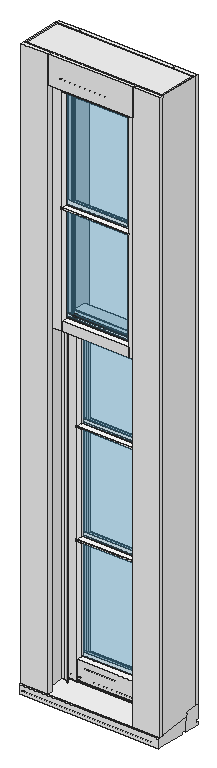
Revit family "B1-23H", category Generic Models, Revit 2012 (continued)
Forms (mm)
  Extrusion 84, solid, material "White" <- "Floor Material"
    sketch origin (-577.425, -571.902, -672) x (-1, 0, 0) y (0, -1, 0)
      loop
        line (-149.504, -689.402) -> (-146.504, -689.402) -> (-146.504, -685.402) -> (-150.504, -684.402) -> (-150.504, -681.402) -> (-162.504, -681.402) -> (-162.504, -700.402)
    from 705 to 1914.52
  Extrusion 85, solid, material "White" <- "Floor Material"
    sketch origin (-577.425, -571.902, 455.96) x (-1, 0, 0) y (0, -1, 0)
      loop
        line (-162.504, -643.402) -> (-199.504, -643.402)
        arc (-199.504, -643.402) -> (-201.625, -644.281) -> (-202.504, -646.402) r 3
        line (-202.504, -646.402) -> (-202.504, -651.402) -> (-196.504, -651.402) -> (-196.504, -654.402) -> (-202.504, -654.402) -> (-202.504, -667.402) -> (-196.504, -667.402) -> (-196.504, -679.402) -> (-202.504, -679.402) -> (-202.504, -700.402)
        arc (-202.504, -700.402) -> (-201.625, -702.524) -> (-199.504, -703.402) r 3
        line (-199.504, -703.402) -> (-162.504, -703.402) -> (-162.504, -643.402)
    from 791.56 to 1603.04
  Extrusion 86, solid, material "White" <- "Floor Material", detail levels fine
    sketch origin (418.078, 16.904, 885.862) x (0, 0, 1) y (0, 1, 0)
      loop
        line (-8.825, 91.096) -> (11.175, 91.096) -> (11.175, 99.096) -> (9.175, 99.096) -> (9.175, 101.596)
        arc (9.175, 101.596) -> (7.469, 106.111) -> (3.675, 109.096) r 9
        line (3.675, 109.096) -> (3.675, 111.096) -> (-1.325, 111.096) -> (-1.325, 109.096)
        arc (-1.325, 109.096) -> (-5.325, 105.779) -> (-6.825, 100.804) r 9
        line (-6.825, 100.804) -> (-6.825, 99.096) -> (-8.825, 99.096) -> (-8.825, 91.096)
      loop
        line (11.175, 62.296) -> (11.175, 65.096) -> (-8.825, 65.096) -> (-8.825, 62.296) -> (-1.325, 54.142) -> (-1.325, 52.142) -> (3.675, 52.142) -> (3.675, 54.142) -> (11.175, 62.296)
    from 837.999 to 1087.078
  Extrusion 87, solid, material "White" <- "Floor Material"
    sketch origin (418.078, 71, 1285.13) x (0, 0, 1) y (0, 1, 0)
      loop
        line (-408.094, 34) -> (-408.094, 18) -> (-388.094, 18) -> (-388.094, 34) -> (-408.094, 34)
    from 838.999 to 1087.078
Dimensions and locks
  plane 4 to level = 2144 mm
  plane 8 to plane 5 = 126.079 mm  (x2)
  plane 9 to plane 7 = 159 mm
  locked: plane 10 to plane 11 at 44
  locked: plane 4 to plane 12 at 100
  locked: plane 13 to plane 12 at 14
  plane 14 to level = 33 mm
  locked: Extrusion 56 to Extrusion 56 at 6
  Extrusion 4 to Extrusion 4 = 4 mm
  locked: plane 4 to plane 15 at 82
  plane 16 to level = 68 mm
  Extrusion 55 to Extrusion 23 = 2144 mm
  plane 23 to level = 2144 mm
  plane 27 to level = 503.56 mm
  plane 17 to plane 5 = 511 mm
  plane 29 to level = 1628.52 mm
  locked: Extrusion 82 to Extrusion 82 at 6
  plane 38 to level = 877.04 mm
  aligned and locked: level to plane 2
  aligned and locked: Extrusion 5 to Extrusion 6
  aligned and locked: Extrusion 33 to Extrusion 32
  aligned and locked: Extrusion 15 to plane 8
  aligned and locked: Extrusion 13 to plane 8
  aligned and locked: Extrusion 20 to plane 8
  aligned and locked: Extrusion 17 to plane 8
  aligned and locked: Extrusion 16 to plane 8
  aligned and locked: Extrusion 18 to plane 8
  aligned and locked: Extrusion 21 to plane 8
  aligned and locked: Extrusion 8 to plane 8
  aligned and locked: Extrusion 10 to plane 8
  aligned and locked: Extrusion 3 to plane 8
  aligned and locked: Extrusion 9 to plane 8
  aligned and locked: Extrusion 5 to plane 8
  aligned and locked: Extrusion 7 to plane 8
  aligned and locked: Extrusion 6 to plane 8
  aligned and locked: Extrusion 9 to Extrusion 15
  aligned and locked: Extrusion 8 to Extrusion 15
  aligned and locked: Extrusion 28 to plane 8
  aligned and locked: Extrusion 26 to plane 8
  aligned and locked: Extrusion 30 to plane 8
  aligned and locked: Extrusion 33 to plane 8
  aligned and locked: Extrusion 32 to plane 8
  aligned and locked: Extrusion 34 to plane 8
  aligned and locked: Extrusion 35 to plane 8
  aligned and locked: Extrusion 31 to plane 8
  aligned and locked: Extrusion 27 to plane 8
  aligned and locked: Extrusion 4 to plane 8
  aligned and locked: plane 10 to Extrusion 2
  aligned and locked: plane 11 to Extrusion 1
  aligned and locked: Extrusion 41 to plane 11
  aligned and locked: plane 13 to Extrusion 41
  aligned and locked: plane 13 to Extrusion 42
  aligned and locked: plane 13 to Extrusion 52
  aligned and locked: plane 13 to Extrusion 51
  aligned and locked: plane 13 to Extrusion 50
  aligned and locked: plane 13 to Extrusion 44
  aligned and locked: Extrusion 14 to Extrusion 53
  aligned and locked: Extrusion 24 to plane 17
Types (3, lengths in mm): name | Width | Height | GlazingPanelMaterial | Floor Material
  Window Sill drawing | 1600 | 1250 | Glass | White
  Access Manager | 1250 | 1250 | none | none
  window family | 511 | 2144 | Glass | 1.12A ANCHOR FIXING
